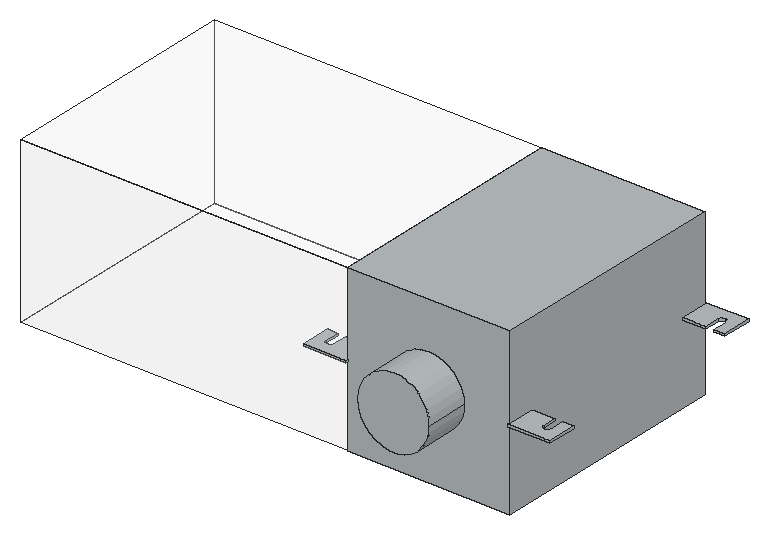
Revit family "5_天吊埋込タイプ 高静圧 単相100V_3相200V", category 機械設備, Revit 2019
Family settings
  丸型コネクタ寸法 = 直径を使用
  パーツ タイプ = 割り込み
  OmniClass 番号 = 23.75.35.17.27
  OmniClass タイトル = Centrifugal Fans
  作業面ベース = いいえ
  常に垂直 = はい
  ロード時にボイドで切り取り = いいえ
  共有 = いいえ
  部屋計算ポイント = はい
Parameters (values of type "BFS-15SKA")
  騒音レベル(dB(A))_吸込 = 31
  騒音レベル(dB(A))_吐出 = 37
  騒音レベル(dB(A))_側面 = 22
  騒音レベル(dB(A)) = 37
  風量 [instance] = 設計風量  # 0.0 m³/h
  電源種別 [instance] = "一般"
  電圧 = 100 V
  電動機出力 = 8 W
  電動機_種別 [instance] = ""
  運転質量 = 0.00 kg
  連動 [instance] = ""
  質量 = if(製品質量 > 運転質量, 製品質量, 運転質量) * 1.2  # 6.24 kg
  負荷分類 = 3_ファン類
  説明 = "ストレートシロッコファン天吊埋込タイプ（高静圧形）"
  設計風量 [instance] = 0.0 m³/h
  設置方法 = "天吊"
  記号 [instance] = ""
  製造元 = "三菱電機株式会社"
  製品質量 = 5.20 kg
  製品出荷対象 = "国内"
  製品リリース年月 = "2014年6月1日"
  製品グループ = ""
  系統 [instance] = ""
  符号 [instance] = if(☑給気／□排気, "FS", "FE")  # "FE"
  積算_科目 = "2 換気設備"
  積算_拾い区分 [instance] = ""
  相 = 1
  盤記号 [instance] = ""
  盤工事区分 = "電気工事"
  発停方法 [instance] = "別売スイッチ"
  番手 = "#1"
  特殊仕様 [instance] = ""
  火災停止 = ""
  消費電力 = 25 W
  法定耐用年数 = "15"
  機外静圧 [instance] = 0.0 Pa
  極数 = 2
  極 = 4
  材質 [instance] = ""
  本体マテリアル = 溶融亜鉛めっき鋼板
  操作・制御方式 = ""
  操作・制御スイッチ = ""
  排気量 [instance] = if(☑給気／□排気, 0.0 m³/h, 設計風量)  # 0.0 m³/h
  形式 = ""
  形名 = BFS-SKA : BFS-15SKA
  幹線記号 [instance] = ""
  対象室 [instance] = ""
  始動方式 [instance] = "直入"
  外気量 [instance] = if(☑給気／□排気, 設計風量, 0.0 m³/h)  # 0.0 m³/h
  呼称 = "消音ボックス付送風機"
  周波数 = 50 Hz
  天吊金具ピッチ幅 = 299 mm
  天吊金具ピッチ奥行 = 299 mm
  参照している仕様書等のバージョン = ""
  分類コード = "50052502100020"
  分類グループ = ""
  価格 = 36000
  企業コード = "108420"
  付属品_防振装置 = ""
  付属品 [instance] = ""
  仕様書バージョン = "Version1.0"
  モデル = "BFS-15SKA"
  ファンの種類 = "多翼形"
  ダクト径 = 100 mm
  サービススペース = yes
  コメント [instance] = ""
  Keynote = ""
  ☑給気／□排気 [instance] = no
  Width = 223 mm
  Version = ""
  Uniclass2015Version = "Systems v1.9"
  Uniclass2015Title = "Centrifugal fans"
  Uniclass2015Code = "Pr_65_67_29_12"
  URL = "https://www.mitsubishielectric.co.jp/ldg/wink/ssl/displayProduct.do?pid=245350"
  SpecificationReference = ""
  SpecificationDescription = ""
  Revision = ""
  ProductInformation = ""
  OmniClassCode = "23-33 31 19 13 15"
  MIN風量 = 115.0 m³/h
  MIN静圧 = 35.0 Pa
  MID風量 = 0.0 m³/h
  MID静圧 = 0.0 Pa
  MAX風量 = 150.0 m³/h
  MAX静圧 = 55.0 Pa
  M = 60 mm
  IfcTypeProduct = ""
  IfcProduct = ""
  IfcExportType = "CENTRIFUGALFORWARDCURVED"
  IfcExportAs = "IfcFanType"
  Height = 226 mm
  Depth = 335 mm
  Clearance Top = 0 mm  # constant formula
  Clearance Right = 0 mm  # constant formula
  Clearance Left = 450 mm  # constant formula
  Clearance Front = 0 mm  # constant formula
  Clearance Bottom = 0 mm  # constant formula
  Clearance Back = 0 mm  # constant formula
  Author = "三菱電機株式会社"
Types (13, lengths in mm): name | 騒音レベル(dB(A))_吸込 | 騒音レベル(dB(A))_吐出 | 騒音レベル(dB(A))_側面 | 騒音レベル(dB(A)) | 電圧 | 電動機出力 | 質量 | 製品質量 | 相 | 番手 | 消費電力 | 極数 | 形名 | 天吊金具ピッチ幅 | 天吊金具ピッチ奥行 | 価格 | モデル | ダクト径 | Width | URL | MIN風量 | MIN静圧 | MAX風量 | MAX静圧 | M | Height | Depth
  BFS-15SKA | 31 | 37 | 22 | 37 | 100 V | 8 W | 6.24 kg | 5.20 kg | 1 | "#1" | 25 W | 2 | BFS-SKA : BFS-15SKA | 299 | 299 | 36000 | "BFS-15SKA" | 100 | 223 | "https://www.mitsubishielectric.co.jp/ldg/wink/ssl/displayProduct.do?pid=245350" | 115.0 m³/h | 35.0 Pa | 150.0 m³/h | 55.0 Pa | 60 | 226 | 335
  BFS-30SKA | 41.5 | 44.5 | 28.5 | 44.5 | 100 V | 12 W | 6.36 kg | 5.30 kg | 1 | "#1" | 55 W | 2 | BFS-SKA : BFS-30SKA | 299 | 299 | 45100 | "BFS-30SKA" | 150 | 223 | "https://www.mitsubishielectric.co.jp/ldg/wink/ssl/displayProduct.do?pid=245356" | 240.0 m³/h | 35.0 Pa | 300.0 m³/h | 60.0 Pa | 70 | 226 | 335
  BFS-40SKA | 42 | 47 | 30 | 47 | 100 V | 30 W | 8.40 kg | 7.00 kg | 1 | "#1 1/4" | 67 W | 2 | BFS-SKA : BFS-40SKA | 331 | 353 | 53200 | "BFS-40SKA" | 150 | 255 | "https://www.mitsubishielectric.co.jp/ldg/wink/ssl/displayProduct.do?pid=245351" | 320.0 m³/h | 55.0 Pa | 400.0 m³/h | 80.0 Pa | 70 | 255 | 389
  BFS-50SKA | 42.5 | 49 | 30.5 | 49 | 100 V | 45 W | 10.56 kg | 8.80 kg | 1 | "#1 1/4" | 92 W | 2 | BFS-SKA : BFS-50SKA | 395 | 395 | 74300 | "BFS-50SKA" | 200 | 319 | "https://www.mitsubishielectric.co.jp/ldg/wink/ssl/displayProduct.do?pid=245355" | 420.0 m³/h | 105.0 Pa | 500.0 m³/h | 145.0 Pa | 85 | 255 | 431
  BFS-65SKA | 43 | 51 | 31 | 51 | 100 V | 75 W | 13.32 kg | 11.10 kg | 1 | "#1 1/4" | 127 W | 2 | BFS-SKA : BFS-65SKA | 449 | 452 | 78800 | "BFS-65SKA" | 200 | 373 | "https://www.mitsubishielectric.co.jp/ldg/wink/ssl/displayProduct.do?pid=245352" | 510.0 m³/h | 100.0 Pa | 650.0 m³/h | 170.0 Pa | 85 | 305 | 489
  BFS-80SKA | 46 | 54 | 34 | 54 | 100 V | 105 W | 13.32 kg | 11.10 kg | 1 | "#1 1/4" | 175 W | 2 | BFS-SKA : BFS-80SKA | 449 | 452 | 84500 | "BFS-80SKA" | 200 | 373 | "https://www.mitsubishielectric.co.jp/ldg/wink/ssl/displayProduct.do?pid=245354" | 680.0 m³/h | 115.0 Pa | 800.0 m³/h | 150.0 Pa | 85 | 305 | 489
  BFS-100SKA | 48 | 58.5 | 38 | 58.5 | 100 V | 180 W | 18.48 kg | 15.40 kg | 1 | "#1 1/2" | 268 W | 2 | BFS-SKA : BFS-100SKA | 440 | 492 | 94000 | "BFS-100SKA" | 200 | 363 | "https://www.mitsubishielectric.co.jp/ldg/wink/ssl/displayProduct.do?pid=245360" | 880.0 m³/h | 170.0 Pa | 1000.0 m³/h | 220.0 Pa | 85 | 350 | 528
  BFS-120SKA | 49 | 59 | 38.5 | 59 | 100 V | 200 W | 19.68 kg | 16.40 kg | 1 | "#1 1/2" | 307 W | 2 | BFS-SKA : BFS-120SKA | 467 | 554 | 101300 | "BFS-120SKA" | 250 | 390 | "https://www.mitsubishielectric.co.jp/ldg/wink/ssl/displayProduct.do?pid=245359" | 1000.0 m³/h | 175.0 Pa | 1200.0 m³/h | 260.0 Pa | 85 | 350 | 591
  BFS-150SKA | 54 | 62 | 41.5 | 62 | 100 V | 300 W | 19.92 kg | 16.60 kg | 1 | "#1 1/2" | 426 W | 2 | BFS-SKA : BFS-150SKA | 467 | 554 | 108200 | "BFS-150SKA" | 250 | 390 | "https://www.mitsubishielectric.co.jp/ldg/wink/ssl/displayProduct.do?pid=245349" | 1330.0 m³/h | 190.0 Pa | 1500.0 m³/h | 240.0 Pa | 85 | 350 | 591
  BFS-80TKA | 45 | 55 | 33 | 55 | 200 V | 170 W | 14.64 kg | 12.20 kg | 3 | "#1 1/4" | 150 W | 3 | BFS-TKA : BFS-80TKA | 449 | 452 | 84500 | "BFS-80TKA" | 200 | 373 | "https://www.mitsubishielectric.co.jp/ldg/wink/ssl/displayProduct.do?pid=245353" | 660.0 m³/h | 120.0 Pa | 800.0 m³/h | 175.0 Pa | 85 | 305 | 489
  BFS-100TKA | 48.5 | 59 | 38 | 59 | 200 V | 200 W | 17.40 kg | 14.50 kg | 3 | "#1 1/2" | 240 W | 3 | BFS-TKA : BFS-100TKA | 440 | 492 | 94000 | "BFS-100TKA" | 200 | 363 | "https://www.mitsubishielectric.co.jp/ldg/wink/ssl/displayProduct.do?pid=245358" | 780.0 m³/h | 140.0 Pa | 1000.0 m³/h | 230.0 Pa | 85 | 350 | 528
  BFS-120TKA | 49 | 59.5 | 38.5 | 59.5 | 200 V | 200 W | 19.80 kg | 16.50 kg | 3 | "#1 1/2" | 302 W | 3 | BFS-TKA : BFS-120TKA | 467 | 554 | 101300 | "BFS-120TKA" | 250 | 390 | "https://www.mitsubishielectric.co.jp/ldg/wink/ssl/displayProduct.do?pid=245348" | 930.0 m³/h | 170.0 Pa | 1200.0 m³/h | 280.0 Pa | 85 | 350 | 591
  BFS-150TKA | 52.5 | 61.5 | 41.5 | 61.5 | 200 V | 300 W | 19.80 kg | 16.50 kg | 3 | "#1 1/2" | 402 W | 3 | BFS-TKA : BFS-150TKA | 467 | 554 | 108200 | "BFS-150TKA" | 250 | 390 | "https://www.mitsubishielectric.co.jp/ldg/wink/ssl/displayProduct.do?pid=245357" | 1250.0 m³/h | 160.0 Pa | 1500.0 m³/h | 250.0 Pa | 85 | 350 | 591
Reference planes
  plane 1 "中心(正面/背面)": y = 0
  plane 2: z = 0
  plane 3 "中心(左/右)": x = -128
  plane 4 "左": x = -239.5
  plane 5 "右": x = -16.5
  plane 6 "背面": y = 167.5
  plane 7 "正面": y = -167.5
  plane 8: z = 113
  plane 9: y = 149.5
  plane 10: y = -149.5
  plane 11: x = 21.5
  plane 12: x = -277.5
  plane 13: z = -113
  plane 14: z = 113
  plane 15: z = -113
  plane 16: y = 167.5
  plane 17: y = -167.5
  plane 18: x = -16.5
  plane 19: x = -689.5
Dimensions and locks
  "Width": plane 4 "左" to plane 5 "右"
  equal spacing: plane 7 "正面", plane 1 "中心(正面/背面)", plane 6 "背面"
  "Depth": plane 7 "正面" to plane 6 "背面"
  equal spacing: plane 8, level, plane 13
  "Height": plane 8 to plane 13
  "Clearance Top": plane 14 to plane 8
  "Clearance Bottom": plane 13 to plane 15
  "Clearance Back": plane 6 "背面" to plane 16
  "Clearance Front": plane 17 to plane 7 "正面"
  "Clearance Left": plane 19 to plane 4 "左"
  "Clearance Right": plane 5 "右" to plane 18
  equal spacing: plane 4 "左", plane 3 "中心(左/右)", plane 5 "右"
  equal spacing: plane 12, plane 3 "中心(左/右)", plane 11
  "天吊金具ピッチ幅": plane 12 to plane 11
  equal spacing: plane 10, plane 1 "中心(正面/背面)", plane 9
  "天吊金具ピッチ奥行": plane 10 to plane 9
  aligned and locked: level to plane 2
  aligned and locked: nested 2 to plane 9
  aligned and locked: plane 10 to nested 2
  aligned and locked: plane 12 to nested 2
  aligned and locked: plane 11 to nested 2
  aligned and locked: plane 8 to nested 1
  aligned and locked: plane 13 to nested 1
  aligned and locked: plane 19 to nested 3
  aligned and locked: plane 17 to nested 3
  aligned and locked: plane 14 to nested 3
  aligned and locked: plane 15 to nested 3
  aligned and locked: plane 16 to nested 3
  aligned and locked: plane 4 "左" to nested 3
  aligned and locked: plane 1 "中心(正面/背面)" to nested 1
  aligned and locked: nested 1 to plane 3 "中心(左/右)"
Nested families
  nested 1: "BFS-SKA" at (-128, 0, -113) x (0, -1, 0) z (0, 0, 1), type <- "形名", type "BFS-15SKA"
  nested 2: "固定点" at (-277.5, -149.5, 0), type "固定点"
    with W 299 mm, D 299 mm
  nested 3: "サービススペース" at (-464.5, 0, 0), visible <- "サービススペース", type "サービススペース"
    with Width 450 mm, Height 226 mm, Depth 335 mm
Connectors
  hvac at (-128, -227.5, 0), driven by "ダクト径", driven by "機外静圧", driven by "風量"
    settings: on nested 1, index 2, duct flow 0.0 m³/h, flow factor 0, pres drop 0.0 Pa, loss coef 0, conn angle 0.00°, conn width 304.8 mm, conn height 304.8 mm, conn diameter 100 mm, duct sys type 29, conn prof type 0, flow config 0, flow direction 2, loss method 4, conn ref index -1, conn util no, is conn primary yes, conn desc "Out"
  hvac at (-128, 227.5, 0), driven by "ダクト径", driven by "機外静圧", driven by "風量"
    settings: on nested 1, index 3, duct flow 0.0 m³/h, flow factor 0, pres drop 0.0 Pa, loss coef 0, conn angle 0.00°, conn width 304.8 mm, conn height 304.8 mm, conn diameter 100 mm, duct sys type 29, conn prof type 0, flow config 0, flow direction 1, loss method 4, conn ref index -1, conn util no, is conn primary no, conn desc "In"
  electrical at (-261.5, -48, -19.5), driven by "極数", driven by "負荷分類", driven by "電圧", driven by "消費電力"
    settings: on nested 1, index 4, voltage 100 V, apparent load 25 VA, apparent load phase1 0 VA, apparent load phase2 0 VA, apparent load phase3 0 VA, power factor 1, load classification "3_ファン類", number of poles 2, system type 30, power factor state 1, is connector primary yes, connector utility no, sub classification motor no, connector description ""
Definition of nested family "BFS-SKA"
  Parameters (values of type "BFS-15SKA")
    端子カバー高 = 99 mm  # constant formula
    端子カバー手前位置 = 54 mm
    端子カバー幅 = 22 mm  # constant formula
    端子カバー奥行 = 131 mm  # constant formula
    端子カバー上位置 = 83 mm
    天吊金具ピッチ幅 = 299 mm
    天吊金具ピッチ奥行 = 299 mm
    マテリアル = none
    φ = 98 mm
    Φ = 110 mm
    kb_z = 25 mm
    b = 234 mm
    a = 60 mm
    W = 335 mm
    H = 226 mm
    c = 43 mm
    D = 223 mm
  Types (9, lengths in mm): name | 端子カバー手前位置 | 端子カバー上位置 | 天吊金具ピッチ幅 | 天吊金具ピッチ奥行 | φ | Φ | kb_z | b | a | W | H | c | D
    BFS-15SKA | 54 | 83 | 299 | 299 | 98 | 110 | 25 | 234 | 60 | 335 | 226 | 43 | 223
    BFS-30SKA | 54 | 83 | 299 | 299 | 142 | 160 | 25 | 234 | 70 | 335 | 226 | 43 | 223
    BFS-40SKA | 62 | 106 | 353 | 331 | 142 | 160 | 25 | 291 | 70 | 389 | 255 | 51 | 255
    BFS-50SKA | 61 | 114 | 395 | 395 | 192 | 208 | 25 | 291 | 85 | 431 | 255 | 51 | 319
    BFS-65SKA | 63 | 139 | 452 | 449 | 192 | 208 | 50 | 391 | 85 | 489 | 305 | 53 | 373
    BFS-80SKA | 63 | 139 | 452 | 449 | 192 | 208 | 50 | 391 | 85 | 489 | 305 | 53 | 373
    BFS-100SKA | 81 | 54 | 492 | 440 | 192 | 208 | 150 | 391 | 85 | 528 | 350 | 70 | 363
    BFS-120SKA | 81 | 54 | 554 | 467 | 242 | 258 | 150 | 391 | 85 | 591 | 350 | 70 | 390
    BFS-150SKA | 81 | 54 | 554 | 467 | 242 | 258 | 150 | 391 | 85 | 591 | 350 | 70 | 390
  Reference planes
    plane 1 "中心(正面/背面)": y = 0
    plane 2: z = 0
    plane 3 "中心(左/右)": x = 0
    plane 4: y = 111.5
    plane 5: y = 149.5
    plane 6: y = 169.5
    plane 7: y = -111.5
    plane 8: y = -149.5
    plane 9: y = -169.5
    plane 10: x = -167.5
    plane 11: x = -149.5
    plane 12: x = -170.5
    plane 13: x = 167.5
    plane 14: x = 149.5
    plane 15: x = 170.5
    plane 16: z = 226
    plane 17: z = 600
    plane 18: z = 900
    plane 19: z = 1200
    plane 20: x = -120.5
    plane 21: x = 113.5
    plane 22: x = 227.5
    plane 23: x = -227.5
    plane 24: z = 113
    plane 25: z = 110
    plane 26: z = 72
    plane 27: x = -129.5
    plane 28: z = 95
    plane 29: x = 129.5
    plane 30: y = 114.5
    plane 31: x = -17.5
    plane 32: z = 143
    plane 33: z = 44
    plane 34: y = -133.5
  Forms (mm)
    Extrusion 1, solid, material <- "マテリアル", detail levels fine
      sketch origin (0, 0, 0) x (1, 0, 0) y (0, 1, 0)
        loop
          line (-167.5, 111.5) -> (-167.5, -111.5) -> (167.5, -111.5) -> (167.5, 111.5) -> (-167.5, 111.5)
      from 0 to 226
    Extrusion 2, solid, material <- "マテリアル", detail levels fine
      sketch origin (0, 0, 0) x (1, 0, 0) y (0, 1, 0)
        loop
          line (-170.5, -111.5) -> (-170.5, -169.5) -> (-129.5, -169.5) -> (-129.5, -155) -> (-149.5, -155)
          arc (-149.5, -155) -> (-155, -149.5) -> (-149.5, -144) r 5.5
          line (-149.5, -144) -> (-129.5, -144) -> (-129.5, -111.5) -> (-170.5, -111.5)
      from 110 to 113
    Extrusion 3, solid, material <- "マテリアル", detail levels fine
      sketch origin (0, 0, 0) x (1, 0, 0) y (0, 1, 0)
        loop
          line (-170.5, 111.5) -> (-129.5, 111.5) -> (-129.5, 144) -> (-149.5, 144)
          arc (-149.5, 144) -> (-155, 149.5) -> (-149.5, 155) r 5.5
          line (-149.5, 155) -> (-129.5, 155) -> (-129.5, 169.5) -> (-170.5, 169.5) -> (-170.5, 111.5)
      from 110 to 113
    Extrusion 4, solid, material <- "マテリアル", detail levels fine
      sketch origin (0, 0, 0) x (-1, 0, 0) y (0, -1, 0)
        loop
          line (-170.5, -111.5) -> (-170.5, -169.5) -> (-129.5, -169.5) -> (-129.5, -155) -> (-149.5, -155)
          arc (-149.5, -155) -> (-155, -149.5) -> (-149.5, -144) r 5.5
          line (-149.5, -144) -> (-129.5, -144) -> (-129.5, -111.5) -> (-170.5, -111.5)
      from 110 to 113
    Extrusion 5, solid, material <- "マテリアル", detail levels fine
      sketch origin (0, 0, 0) x (-1, 0, 0) y (0, -1, 0)
        loop
          line (-170.5, 111.5) -> (-129.5, 111.5) -> (-129.5, 144) -> (-149.5, 144)
          arc (-149.5, 144) -> (-155, 149.5) -> (-149.5, 155) r 5.5
          line (-149.5, 155) -> (-129.5, 155) -> (-129.5, 169.5) -> (-170.5, 169.5) -> (-170.5, 111.5)
      from 110 to 113
    Extrusion 6, solid, material <- "マテリアル", detail levels fine
      sketch origin (0, 0, 0) x (0, 1, 0) y (0, 0, 1)
        loop
          circle (0, 113) r 49
      from -167.5 to -227.5
    Extrusion 7, solid, material <- "マテリアル", detail levels fine
      sketch origin (0, 0, 0) x (0, 1, 0) y (0, 0, -1)
        loop
          circle (0, -113) r 49
      from -167.5 to -227.5
    Extrusion 8, solid, material <- "マテリアル", detail levels fine
      sketch origin (0, 0, 0) x (1, 0, 0) y (0, 0, 1)
        loop
          line (113.5, 143) -> (-17.5, 143) -> (-17.5, 44) -> (113.5, 44) -> (113.5, 143)
      from 111.5 to 133.5
  Dimensions and locks
    plane 12 to plane 15 = 341 mm
    "天吊金具ピッチ幅": plane 11 to plane 14
    "W": plane 10 to plane 13
    plane 9 to plane 6 = 339 mm
    "天吊金具ピッチ奥行": plane 8 to plane 5
    "D": plane 7 to plane 4
    equal spacing: plane 7, plane 1 "中心(正面/背面)", plane 4
    equal spacing: plane 10, plane 3 "中心(左/右)", plane 13
    "H": plane 16 to level
    locked: plane 5 to plane 6 at 20
    locked: plane 9 to plane 8 at 20
    locked: plane 13 to plane 15 at 3
    locked: plane 12 to plane 10 at 3
    equal spacing: plane 16, plane 24, level
    locked: plane 24 to plane 25 at 3
    locked: plane 24 to plane 26 at 41
    locked: plane 12 to plane 27 at 41
    locked: plane 25 to plane 28 at 15
    locked: plane 29 to plane 15 at 41
    locked: plane 30 to plane 4 at 3
    "a": plane 23 to plane 10
    "a": plane 13 to plane 22
    "端子カバー手前位置": plane 13 to plane 21
    "b": plane 21 to plane 20
    "端子カバー奥行": plane 21 to plane 31
    "端子カバー高": plane 32 to plane 33
    "端子カバー幅": plane 34 to plane 7
    equal spacing: plane 11, plane 3 "中心(左/右)", plane 14
    equal spacing: plane 8, plane 1 "中心(正面/背面)", plane 5
    "端子カバー上位置": plane 16 to plane 32
    "φ": diameter of Extrusion 6 sketch curve
    "φ": diameter of Extrusion 7 sketch curve
    aligned and locked: level to plane 2
    aligned and locked: plane 4 to Extrusion 1 sketch curve
    aligned and locked: plane 10 to Extrusion 1 sketch curve
    aligned and locked: Extrusion 1 sketch curve to plane 7
    aligned and locked: Extrusion 1 sketch curve to plane 13
    aligned and locked: plane 16 to Extrusion 1
    aligned and locked: plane 7 to Extrusion 2 sketch curve
    aligned and locked: plane 12 to Extrusion 2 sketch curve
    aligned and locked: Extrusion 2 sketch curve to plane 9
    aligned and locked: Extrusion 2 sketch curve to plane 27  (x2)
    aligned and locked: plane 11 to Extrusion 2 sketch curve
    aligned and locked: plane 8 to Extrusion 2 sketch curve
    aligned and locked: plane 24 to Extrusion 2
    aligned and locked: Extrusion 2 to plane 25
    aligned and locked: plane 27 to Extrusion 3 sketch curve  (x2)
    aligned and locked: plane 5 to Extrusion 3 sketch curve
    aligned and locked: plane 11 to Extrusion 3 sketch curve
    aligned and locked: Extrusion 3 sketch curve to plane 6
    aligned and locked: Extrusion 3 sketch curve to plane 12
    aligned and locked: plane 4 to Extrusion 3 sketch curve
    aligned and locked: plane 24 to Extrusion 3
    aligned and locked: Extrusion 3 to plane 25
    aligned and locked: Extrusion 4 to plane 6
    aligned and locked: plane 15 to Extrusion 4
    aligned and locked: Extrusion 4 to plane 29
    aligned and locked: plane 29 to Extrusion 4 sketch curve  (x2)
    aligned and locked: plane 6 to Extrusion 4 sketch curve
    aligned and locked: Extrusion 4 sketch curve to plane 15
    aligned and locked: plane 5 to Extrusion 4 sketch curve
    aligned and locked: plane 14 to Extrusion 4 sketch curve
    aligned and locked: Extrusion 4 sketch curve to plane 4
    aligned and locked: Extrusion 4 to plane 25
    aligned and locked: plane 24 to Extrusion 4
    aligned and locked: plane 9 to Extrusion 5 sketch curve
    aligned and locked: plane 15 to Extrusion 5 sketch curve
    aligned and locked: Extrusion 5 sketch curve to plane 7
    aligned and locked: Extrusion 5 sketch curve to plane 29  (x2)
    aligned and locked: plane 14 to Extrusion 5 sketch curve
    aligned and locked: plane 8 to Extrusion 5 sketch curve
    aligned and locked: Extrusion 5 to plane 25
    aligned and locked: plane 24 to Extrusion 5
    aligned and locked: plane 1 "中心(正面/背面)" to Extrusion 6 sketch curve
    aligned and locked: plane 24 to Extrusion 6 sketch curve
    aligned and locked: Extrusion 6 to plane 23
    aligned and locked: plane 24 to Extrusion 7 sketch curve
    aligned and locked: plane 1 "中心(正面/背面)" to Extrusion 7 sketch curve
    aligned and locked: plane 22 to Extrusion 7
    aligned and locked: plane 32 to Extrusion 8 sketch curve
    aligned and locked: plane 21 to Extrusion 8 sketch curve
    aligned and locked: Extrusion 8 sketch curve to plane 33
    aligned and locked: Extrusion 8 sketch curve to plane 31
    aligned and locked: Extrusion 8 to plane 7
    aligned and locked: Extrusion 7 to plane 13
    aligned and locked: plane 10 to Extrusion 6
    aligned and locked: plane 34 to Extrusion 8
  Automatic sketch dimensions
    Extrusion 2 sketch curve to plane 11 = 0 mm
    plane 8 to Extrusion 2 sketch curve = 5.5 mm
    Extrusion 3 sketch curve to plane 11 = 0 mm
    plane 5 to Extrusion 3 sketch curve = 5.5 mm
    Extrusion 4 sketch curve to plane 14 = 0 mm
    Extrusion 4 sketch curve to plane 5 = 5.5 mm
    Extrusion 5 sketch curve to plane 14 = 0 mm
    Extrusion 5 sketch curve to plane 8 = 5.5 mm
Definition of nested family "サービススペース"
  Parameters (values of type "サービススペース")
    Width [instance] = 500 mm
    Height [instance] = 500 mm
    Depth [instance] = 500 mm
  Reference planes
    plane 1 "中心(正面/背面)": y = 0
    plane 2: z = 0
    plane 3 "中心(左/右)": x = 0
    plane 4: y = -250
    plane 5: x = 250
    plane 6: y = 250
    plane 7: x = -250
    plane 8: z = 250
    plane 9: z = -250
  Forms (mm)
    Extrusion 1, solid
      sketch origin (-638.939, 0, 72.39) x (1, 0, 0) y (0, 1, 0)
        loop
          line (388.939, 250) -> (388.939, -250) -> (888.939, -250) -> (888.939, 250) -> (388.939, 250)
      from -322.39 to 177.61
  Lines and regions (mm)
    symbolic lines
      curve 1: line (-250, 0, 250) -> (250, 0, 250)
      curve 2: line (-250, 0, -250) -> (-250, 0, 250)
      curve 3: line (250, 0, -250) -> (-250, 0, -250)
      curve 4: line (250, 0, 250) -> (250, 0, -250)
      curve 5: line (0, -250, 250) -> (0, 250, 250)
      curve 6: line (0, -250, -250) -> (0, -250, 250)
      curve 7: line (0, 250, -250) -> (0, -250, -250)
      curve 8: line (0, 250, 250) -> (0, 250, -250)
      curve 9: line (-250, 250, 0) -> (250, 250, 0)
      curve 10: line (-250, -250, 0) -> (-250, 250, 0)
      curve 11: line (250, -250, 0) -> (-250, -250, 0)
      curve 12: line (250, 250, 0) -> (250, -250, 0)
  Dimensions and locks
    equal spacing: plane 7, plane 3 "中心(左/右)", plane 5
    equal spacing: plane 4, plane 1 "中心(正面/背面)", plane 6
    "Depth": plane 4 to plane 6
    "Width": plane 7 to plane 5
    equal spacing: plane 8, plane 2, plane 9
    "Height": plane 8 to plane 9
    aligned and locked: plane 9 to curve 3
    aligned and locked: plane 7 to curve 2
    aligned and locked: curve 4 to plane 5
    aligned and locked: plane 5 to Extrusion 1
    aligned and locked: Extrusion 1 to plane 7
    aligned and locked: Extrusion 1 to plane 9
    aligned and locked: plane 8 to Extrusion 1
    aligned and locked: plane 9 to curve 7
  Automatic sketch dimensions
    plane 4 to Extrusion 1 sketch curve = 0 mm
    Extrusion 1 sketch curve to plane 7 = 0 mm
    Extrusion 1 sketch curve to plane 5 = 0 mm
    plane 6 to Extrusion 1 sketch curve = 0 mm
    curve 2 to plane 8 = 0 mm
    plane 4 to curve 11 = 0 mm
    curve 11 to plane 7 = 0 mm
    curve 11 to plane 5 = 0 mm
    plane 6 to curve 10 = 0 mm
    curve 7 to plane 4 = 0 mm
    curve 7 to plane 6 = 0 mm
    curve 6 to plane 8 = 0 mm
Definition of nested family "固定点"
  Parameters (values of type "固定点")
    中心円 = 11 mm
    W [instance] = 1000 mm
    D [instance] = 1000 mm
  Reference planes
    plane 1 "中心(正面/背面)": y = 0
    plane 2: z = 0
    plane 3 "中心(左/右)": x = 0
    plane 4: x = 1000
    plane 5: y = 1000
  Lines and regions (mm)
    symbolic lines, detail levels fine
      curve 1: circle (0, 1000, 0) r 5.5 normal (0, 0, 1)
      curve 2: circle (0, 0, 0) r 5.5 normal (0, 0, 1)
      curve 3: circle (1000, 1000, 0) r 5.5 normal (0, 0, 1)
      curve 4: circle (1000, 0, 0) r 5.5 normal (0, 0, 1)
      curve 5: line (-200, 1000, 0) -> (1200, 1000, 0)
      curve 6: line (-200, 0, 0) -> (1200, 0, 0)
      curve 7: line (0, 1200, 0) -> (0, -200, 0)
      curve 8: line (1000, 1200, 0) -> (1000, -200, 0)
  Dimensions and locks
    "W": plane 3 "中心(左/右)" to plane 4
    "D": plane 1 "中心(正面/背面)" to plane 5
    "中心円": diameter of curve 1
    "中心円": diameter of curve 2
    "中心円": diameter of curve 3
    "中心円": diameter of curve 4
    aligned and locked: level to plane 2
    aligned and locked: plane 5 to curve 1
    aligned and locked: plane 3 "中心(左/右)" to curve 1
    aligned and locked: plane 3 "中心(左/右)" to curve 2
    aligned and locked: plane 1 "中心(正面/背面)" to curve 2
    aligned and locked: plane 4 to curve 3
    aligned and locked: plane 5 to curve 3
    aligned and locked: plane 1 "中心(正面/背面)" to curve 4
    aligned and locked: plane 4 to curve 4
    aligned and locked: plane 1 "中心(正面/背面)" to curve 6
    aligned and locked: curve 7 to plane 3 "中心(左/右)"
    aligned and locked: curve 8 to plane 4
  Automatic sketch dimensions
    curve 5 to plane 5 = 0 mm
    curve 6 to plane 3 "中心(左/右)" = 200 mm
    curve 5 to plane 3 "中心(左/右)" = 200 mm
    curve 4 to curve 6 = 200 mm
    curve 3 to curve 5 = 200 mm
    plane 1 "中心(正面/背面)" to curve 8 = 200 mm
    plane 1 "中心(正面/背面)" to curve 7 = 200 mm
    curve 3 to curve 8 = 200 mm
    curve 1 to curve 7 = 200 mm
